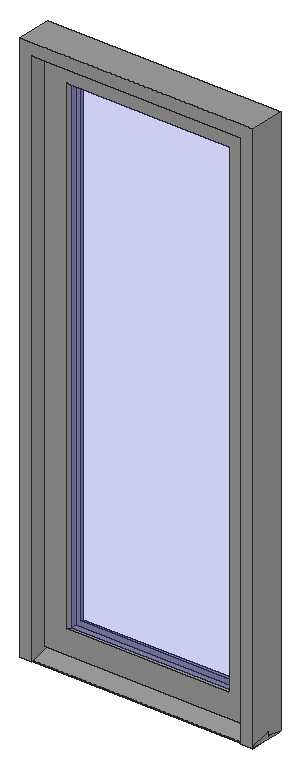
Revit family "9001", category Doors, host Wall, Revit 2016
Family settings
  Host = Wall
  OmniClass Number = 23.30.10.00
  OmniClass Title = Doors
  Always vertical = Yes
  Cut with Voids When Loaded = No
  Shared = No
  Room Calculation Point = No
Parameters (values of type "888x2088mm")
  frame 176mm [instance] = no
  frame 157mm [instance] = no
  Rough Width = Width + (2 * Joint)  # 912 mm
  Rough Height = Height + (2 * Joint)  # 2112 mm
  Placement in wall = 40 mm
  Manufacturer = "www.kronevinduer.dk"
  Joint = 12 mm
  Glass panel material [instance] = Glass
  Function = Interior
  Frame Projection Ext. = 25 mm
  Frame Projection Int. = 25 mm
  Frame Width = 75 mm
  Height = 2088 mm
  Wall Closure = By host
  Width = 888 mm
  Bottom Placement = Placement in wall + 59 mm  # 99 mm
Reference planes
  plane 1: y = 0
  plane 2 "Center (Left/Right)": x = 0
  plane 3 "Left": x = -444
  plane 4 "Right": x = 444
  plane 5: z = 2088
  plane 6 "Exterior": y = 75
  plane 7 "Interior": y = -75
  plane 8: y = 35
  plane 9: x = 432
  plane 10: x = -432
  plane 11: z = 2076
  plane 12: z = 12
  plane 13: z = 23
  plane 14: y = -24
Forms (mm)
  Sweep 1, solid, material "Default"
    path origin (0, 75, 0) x (1, 0, 0) y (0, 0, 1)
      loop
        line (432, 12) -> (-432, 12)
    profile "ALU_BOTTOM_OUTward : ALU_BOTTOM_OUTward" origin (0, 75, 12) x (0, 0, -1) y (0, -1, 0)
      loop
        line (0, 50) -> (0, 169) -> (-5.5, 169) -> (-20.949, 101) -> (-24.621, 101) -> (-24.621, 99) -> (-6.25, 99) -> (-6.25, 89) -> (-11, 89) -> (-1.763, 50) -> (0, 50)
  Sweep 2, solid, material "Default"
    path origin (0, 75, 0) x (1, 0, 0) y (0, 0, 1)
      loop
        line (432, 12) -> (432, 2076) -> (-432, 2076) -> (-432, 12)
    profile "COto 62 ALU_WOOD_FRAME 45x130MM_S : COto 62 ALU_WOOD_FRAME 45x130MM_S" origin (432, 75, 1044) x (-1, 0, 0) y (0, -1, 0)
      loop
        line (0, 170) -> (0, 40) -> (27, 40) -> (27, 99) -> (45, 99) -> (45, 170) -> (0, 170)
  Sweep 3, solid, material "Default"
    path origin (0, 75, 0) x (1, 0, 0) y (0, 0, 1)
      loop
        line (405, 23) -> (405, 2049) -> (-405, 2049) -> (-405, 23) -> (405, 23)
    profile "COto 62 ALU_WOOD_SASH_DOOR_OUTward : COto 62 ALU_WOOD_SASH_DOOR_OUTward" origin (0, 75, 23) x (0, 0, -1) y (0, -1, 0)
      loop
        line (0, 99) -> (-18, 99) -> (-18, 114) -> (-103, 114) -> (-103, 99) -> (-85, 99) -> (-85, 51) -> (-103, 51) -> (-103, 40) -> (0, 40) -> (0, 99)
  Extrusion 4, solid, material "Glass"
    sketch origin (0, 0, 0) x (0, 1, 0) y (0, 0, 1)
      loop
        line (24, 108) -> (24, 1964) -> (-24, 1964) -> (-24, 108) -> (24, 108)
    from -320 to 320
  Sweep 5, solid, visible <- "frame 157mm"
    path origin (0, 75, 0) x (1, 0, 0) y (0, 0, 1)
      loop
        line (432, 12) -> (432, 2076) -> (-432, 2076) -> (-432, 12)
    profile "COto 62 ALU_WOOD_FRAME 45x157MM_S : COto 62 ALU_WOOD_FRAME 45x157MM_S" origin (432, 75, 1044) x (-1, 0, 0) y (0, -1, 0)
      loop
        line (0, 197) -> (0, 40) -> (27, 40) -> (27, 99) -> (45, 99) -> (45, 197) -> (0, 197)
  Sweep 6, solid, visible <- "frame 176mm"
    path origin (0, 75, 0) x (1, 0, 0) y (0, 0, 1)
      loop
        line (432, 12) -> (432, 2076) -> (-432, 2076) -> (-432, 12)
    profile "COto 62 ALU_WOOD_FRAME 45x176MM_S : COto 62 ALU_WOOD_FRAME 45x176MM_S" origin (432, 75, 1044) x (-1, 0, 0) y (0, -1, 0)
      loop
        line (0, 216) -> (0, 40) -> (27, 40) -> (27, 99) -> (45, 99) -> (45, 216) -> (0, 216)
Lines and regions (mm)
  Opening 1
    outline origin (-3050, -75, 0) x (1, 0, 0) y (0, 0, 1)
      loop
        line (2606, 0) -> (3494, 0) -> (3494, 2088) -> (2606, 2088) -> (2606, 0)
  symbolic lines, style "Elevation Swing"
    curve 1: line (444, -75, 1044) -> (-444, -75, 2088)
    curve 2: line (444, -75, 1044) -> (-444, -75, 0)
  symbolic lines, style "Plan Swing"
    curve 3: line (-320, 24, 0) -> (-320, 664, 0)
    curve 4: arc (-320, 664, 0) -> (132.548, 476.548, 0) -> (320, 24, 0) r 640
Text (mm)
  text "Exterior" at (-2295.016, 1099.543, 0), in view "Ref. Level"
  text "Exterior" at (0, 1615.38, 3698.081), in view "Left"
  text "Exterior" at (0, 1036.032, 3874.932), in view "Right"
Dimensions and locks
  equal spacing: plane 3 "Left", plane 2 "Center (Left/Right)", plane 4 "Right"
  "Width": plane 3 "Left" to plane 4 "Right"
  "Height": plane 5 to host wall
  equal spacing: host wall, curve 2, plane 5
  host wall to plane 5 = 2088 mm
  locked: plane 6 "Exterior" to host wall at 0
  locked: plane 7 "Interior" to host wall
  "Placement in wall": host wall to plane 8
  "Joint": plane 11 to plane 5
  "Joint": level to plane 12
  "Joint": plane 9 to plane 4 "Right"
  "Joint": plane 10 to plane 3 "Left"
  "Bottom Placement": host wall to plane 14
  aligned and locked: plane 3 "Left" to Opening 1 sketch curve
  aligned and locked: plane 5 to Opening 1 sketch curve  (x2)
  aligned and locked: Opening 1 sketch curve to plane 4 "Right"
  aligned and locked: Opening 1 sketch curve to level
  aligned and locked: plane 5 to curve 1
  aligned and locked: plane 3 "Left" to curve 2
  aligned and locked: plane 1 to host wall
  aligned and locked: plane 3 "Left" to curve 1
  aligned and locked: Sweep 3 sketch curve to plane 13
  aligned and locked: Sweep 3 sketch curve to Sweep 2  (x2)
  aligned and locked: Sweep 2 to Sweep 3 sketch curve
  aligned and locked: plane 14 to Sweep 3
  aligned and locked: Sweep 3 to curve 4
  aligned and locked: plane 14 to Extrusion 4 sketch curve
  aligned and locked: Extrusion 4 to Sweep 3  (x4)
Automatic sketch dimensions
  plane 4 "Right" to curve 2 = 0 mm
  curve 2 to level = 0 mm
  Sweep 1 sketch curve to plane 10 = 0 mm
  plane 9 to Sweep 1 sketch curve = 0 mm
  Sweep 1 sketch curve to plane 12 = 0 mm
  Sweep 2 sketch curve to plane 10 = 0 mm
  plane 9 to Sweep 2 sketch curve = 0 mm
  Sweep 2 sketch curve to plane 12 = 0 mm  (x2)
  Sweep 2 sketch curve to plane 11 = 0 mm
  plane 10 to curve 4 = 112 mm
  plane 9 to curve 4 = 112 mm
  curve 3 to curve 4 = 0 mm
  level to Extrusion 4 sketch curve = 108 mm
  plane 5 to Extrusion 4 sketch curve = 124 mm
  Sweep 5 sketch curve to plane 10 = 0 mm
  plane 9 to Sweep 5 sketch curve = 0 mm
  Sweep 5 sketch curve to plane 12 = 0 mm  (x2)
  Sweep 5 sketch curve to plane 11 = 0 mm
  Sweep 6 sketch curve to plane 10 = 0 mm
  plane 9 to Sweep 6 sketch curve = 0 mm
  Sweep 6 sketch curve to plane 12 = 0 mm  (x2)
  Sweep 6 sketch curve to plane 11 = 0 mm
  Extrusion 4 sketch curve to plane 8 = 11 mm
